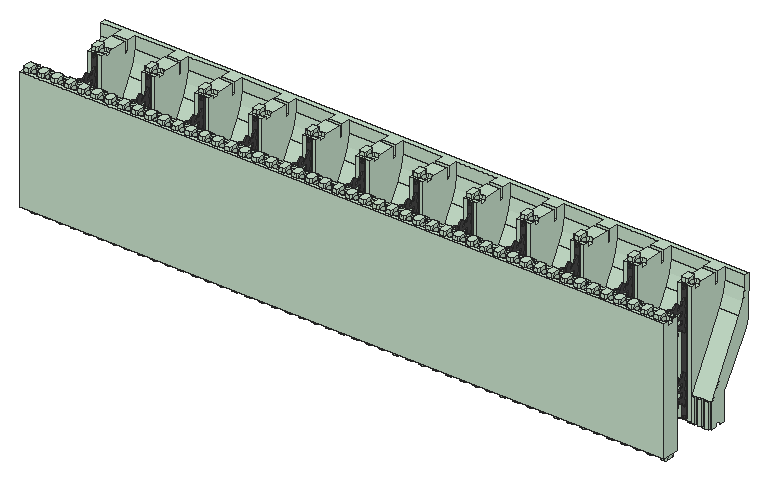
Revit family (continued)
Definition of nested family "NUDURA Diamond Pattern"
  Lines and regions (mm)
    model lines
      curve 130: line (93.906, -142.875, 148.808) -> (85.183, -142.875, 140.085)
      curve 131: arc (105.934, -142.875, 147.365) -> (101.444, -142.875, 149.225) -> (96.953, -142.875, 147.365) r 6.35
      curve 132: line (96.953, -142.875, 147.365) -> (87.428, -142.875, 137.84)
      curve 133: arc (87.428, -142.875, 137.84) -> (85.569, -142.875, 133.35) -> (87.428, -142.875, 128.86) r 6.35
      curve 134: line (87.428, -142.875, 128.86) -> (96.953, -142.875, 119.335)
      curve 135: arc (96.953, -142.875, 119.335) -> (101.444, -142.875, 117.475) -> (105.934, -142.875, 119.335) r 6.35
      curve 136: line (105.934, -142.875, 119.335) -> (115.459, -142.875, 128.86)
      curve 137: arc (115.459, -142.875, 128.86) -> (117.319, -142.875, 133.35) -> (115.459, -142.875, 137.84) r 6.35
      curve 138: line (115.459, -142.875, 137.84) -> (105.934, -142.875, 147.365)
      curve 139: arc (93.906, -142.875, 110.708) -> (95.394, -142.875, 114.3) -> (93.906, -142.875, 117.892) r 5.08
      curve 140: line (117.704, -142.875, 101.985) -> (108.981, -142.875, 110.708)
      curve 141: arc (117.704, -142.875, 88.515) -> (120.494, -142.875, 95.25) -> (117.704, -142.875, 101.985) r 9.525
      curve 142: line (108.981, -142.875, 79.792) -> (117.704, -142.875, 88.515)
      curve 143: line (85.183, -142.875, 88.515) -> (93.906, -142.875, 79.792)
      curve 144: arc (85.183, -142.875, 101.985) -> (82.394, -142.875, 95.25) -> (85.183, -142.875, 88.515) r 9.525
      curve 145: line (93.906, -142.875, 110.708) -> (85.183, -142.875, 101.985)
      curve 146: arc (105.934, -142.875, 109.265) -> (101.444, -142.875, 111.125) -> (96.953, -142.875, 109.265) r 6.35
      curve 147: line (96.953, -142.875, 109.265) -> (87.428, -142.875, 99.74)
      curve 148: arc (87.428, -142.875, 99.74) -> (85.569, -142.875, 95.25) -> (87.428, -142.875, 90.76) r 6.35
      curve 149: line (87.428, -142.875, 90.76) -> (96.953, -142.875, 81.235)
      curve 150: arc (96.953, -142.875, 81.235) -> (101.444, -142.875, 79.375) -> (105.934, -142.875, 81.235) r 6.35
      curve 151: line (105.934, -142.875, 81.235) -> (115.459, -142.875, 90.76)
      curve 152: arc (115.459, -142.875, 90.76) -> (117.319, -142.875, 95.25) -> (115.459, -142.875, 99.74) r 6.35
      curve 153: line (115.459, -142.875, 99.74) -> (105.934, -142.875, 109.265)
      curve 154: arc (93.906, -142.875, 72.608) -> (95.394, -142.875, 76.2) -> (93.906, -142.875, 79.792) r 5.08
      curve 155: line (117.704, -142.875, 63.885) -> (108.981, -142.875, 72.608)
      curve 156: arc (117.704, -142.875, 50.415) -> (120.494, -142.875, 57.15) -> (117.704, -142.875, 63.885) r 9.525
      curve 157: line (108.981, -142.875, 41.692) -> (117.704, -142.875, 50.415)
      curve 158: line (85.183, -142.875, 50.415) -> (93.906, -142.875, 41.692)
      curve 159: arc (85.183, -142.875, 63.885) -> (82.394, -142.875, 57.15) -> (85.183, -142.875, 50.415) r 9.525
      curve 160: line (93.906, -142.875, 72.608) -> (85.183, -142.875, 63.885)
      curve 161: arc (105.934, -142.875, 71.165) -> (101.444, -142.875, 73.025) -> (96.953, -142.875, 71.165) r 6.35
      curve 162: line (96.953, -142.875, 71.165) -> (87.428, -142.875, 61.64)
      curve 163: arc (87.428, -142.875, 61.64) -> (85.569, -142.875, 57.15) -> (87.428, -142.875, 52.66) r 6.35
      curve 164: line (87.428, -142.875, 52.66) -> (96.953, -142.875, 43.135)
      curve 165: arc (96.953, -142.875, 43.135) -> (101.444, -142.875, 41.275) -> (105.934, -142.875, 43.135) r 6.35
      curve 166: line (105.934, -142.875, 43.135) -> (115.459, -142.875, 52.66)
      curve 167: arc (115.459, -142.875, 52.66) -> (117.319, -142.875, 57.15) -> (115.459, -142.875, 61.64) r 6.35
      curve 168: line (115.459, -142.875, 61.64) -> (105.934, -142.875, 71.165)
      curve 169: arc (93.906, -142.875, 34.508) -> (95.394, -142.875, 38.1) -> (93.906, -142.875, 41.692) r 5.08
      curve 170: line (93.906, -142.875, 34.508) -> (85.183, -142.875, 25.785)
      curve 171: arc (85.183, -142.875, 25.785) -> (82.394, -142.875, 19.05) -> (85.183, -142.875, 12.315) r 9.525
      curve 172: line (85.183, -142.875, 12.315) -> (94.708, -142.875, 2.79)
      curve 173: arc (94.708, -142.875, 2.79) -> (101.444, -142.875, 0) -> (108.179, -142.875, 2.79) r 9.525
      curve 174: line (108.179, -142.875, 2.79) -> (117.704, -142.875, 12.315)
      curve 175: arc (117.704, -142.875, 12.315) -> (120.494, -142.875, 19.05) -> (117.704, -142.875, 25.785) r 9.525
      curve 176: line (117.704, -142.875, 25.785) -> (108.981, -142.875, 34.508)
      curve 177: arc (108.981, -142.875, 41.692) -> (107.493, -142.875, 38.1) -> (108.981, -142.875, 34.508) r 5.08
      curve 178: arc (105.934, -142.875, 33.065) -> (101.444, -142.875, 34.925) -> (96.953, -142.875, 33.065) r 6.35
      curve 179: line (115.459, -142.875, 23.54) -> (105.934, -142.875, 33.065)
      curve 180: arc (115.459, -142.875, 14.56) -> (117.319, -142.875, 19.05) -> (115.459, -142.875, 23.54) r 6.35
      curve 181: line (105.934, -142.875, 5.035) -> (115.459, -142.875, 14.56)
      curve 182: arc (96.953, -142.875, 5.035) -> (101.444, -142.875, 3.175) -> (105.934, -142.875, 5.035) r 6.35
      curve 183: line (87.428, -142.875, 14.56) -> (96.953, -142.875, 5.035)
      curve 184: arc (87.428, -142.875, 23.54) -> (85.569, -142.875, 19.05) -> (87.428, -142.875, 14.56) r 6.35
      curve 185: line (96.953, -142.875, 33.065) -> (87.428, -142.875, 23.54)
      curve 186: arc (108.981, -142.875, 79.792) -> (107.493, -142.875, 76.2) -> (108.981, -142.875, 72.608) r 5.08
      curve 187: arc (108.981, -142.875, 117.892) -> (107.493, -142.875, 114.3) -> (108.981, -142.875, 110.708) r 5.08
      curve 188: arc (108.981, -142.875, 155.992) -> (107.493, -142.875, 152.4) -> (108.981, -142.875, 148.808) r 5.08
      curve 189: arc (108.981, -142.875, 194.092) -> (107.493, -142.875, 190.5) -> (108.981, -142.875, 186.908) r 5.08
      curve 190: arc (108.981, -142.875, 232.192) -> (107.493, -142.875, 228.6) -> (108.981, -142.875, 225.008) r 5.08
      curve 191: arc (108.981, -142.875, 270.292) -> (107.493, -142.875, 266.7) -> (108.981, -142.875, 263.108) r 5.08
      curve 192: arc (108.981, -142.875, 308.392) -> (107.493, -142.875, 304.8) -> (108.981, -142.875, 301.208) r 5.08
      curve 193: arc (108.981, -142.875, 346.492) -> (107.493, -142.875, 342.9) -> (108.981, -142.875, 339.308) r 5.08
      curve 194: arc (108.981, -142.875, 384.592) -> (107.493, -142.875, 381) -> (108.981, -142.875, 377.408) r 5.08
      curve 195: arc (108.981, -142.875, 422.692) -> (107.493, -142.875, 419.1) -> (108.981, -142.875, 415.508) r 5.08
Definition of nested family "NUDURA Logo Diamond"
  Reference planes
    plane 1 "Center (Front/Back)": y = 0
    plane 2: z = 0
    plane 3 "Center (Left/Right)": x = 0
  Lines and regions (mm)
    model lines
      curve 1: line (320.001, 0, 444.526) -> (311.021, 0, 453.507)
      curve 2: line (313.973, 0, 425.925) -> (320.001, 0, 431.954)
      curve 3: line (320.001, 0, 406.426) -> (313.973, 0, 412.455)
      curve 4: line (313.973, 0, 387.825) -> (320.001, 0, 393.854)
      curve 5: line (320.001, 0, 368.326) -> (313.973, 0, 374.355)
      curve 6: line (313.973, 0, 349.725) -> (320.001, 0, 355.754)
      curve 7: line (309.225, 0, 337.411) -> (322.887, 0, 323.749)
      curve 8: line (322.887, 0, 323.749) -> (324.683, 0, 325.545)
      curve 9: line (286.583, 0, 323.749) -> (300.245, 0, 337.411)
      curve 10: line (295.497, 0, 336.255) -> (284.787, 0, 325.545)
      curve 11: line (289.468, 0, 355.754) -> (295.497, 0, 349.725)
      curve 12: line (295.497, 0, 374.355) -> (289.468, 0, 368.326)
      curve 13: line (289.468, 0, 393.854) -> (295.497, 0, 387.825)
      curve 14: line (295.497, 0, 412.455) -> (289.468, 0, 406.426)
      curve 15: line (289.468, 0, 431.954) -> (295.497, 0, 425.925)
      curve 16: line (298.449, 0, 453.507) -> (289.468, 0, 444.526)
      curve 17: line (300.245, 0, 451.711) -> (291.265, 0, 442.73)
      curve 18: line (318.205, 0, 442.73) -> (309.225, 0, 451.711)
      curve 19: line (309.225, 0, 424.77) -> (318.205, 0, 433.75)
      curve 20: line (291.265, 0, 433.75) -> (300.245, 0, 424.77)
      curve 21: arc (289.468, 0, 444.526) -> (286.865, 0, 438.24) -> (289.468, 0, 431.954) r 8.89
      curve 22: arc (298.449, 0, 453.507) -> (304.735, 0, 456.111) -> (311.021, 0, 453.507) r 8.89
      curve 23: arc (291.265, 0, 442.73) -> (289.405, 0, 438.24) -> (291.265, 0, 433.75) r 6.35
      curve 24: arc (318.205, 0, 442.73) -> (320.065, 0, 438.24) -> (318.205, 0, 433.75) r 6.35
      curve 25: arc (309.225, 0, 424.77) -> (304.735, 0, 422.91) -> (300.245, 0, 424.77) r 6.35
      curve 26: arc (300.245, 0, 451.711) -> (304.735, 0, 453.571) -> (309.225, 0, 451.711) r 6.35
      curve 27: arc (320.001, 0, 444.526) -> (322.605, 0, 438.24) -> (320.001, 0, 431.954) r 8.89
      curve 28: arc (295.497, 0, 425.925) -> (298.287, 0, 419.19) -> (295.497, 0, 412.455) r 9.525
      curve 29: arc (313.973, 0, 425.925) -> (311.183, 0, 419.19) -> (313.973, 0, 412.455) r 9.525
      curve 30: line (313.973, 0, 387.825) -> (320.001, 0, 393.854)
      curve 31: line (289.468, 0, 393.854) -> (295.497, 0, 387.825)
      curve 32: line (300.245, 0, 413.611) -> (291.265, 0, 404.63)
      curve 33: line (318.205, 0, 404.63) -> (309.225, 0, 413.611)
      curve 34: line (309.225, 0, 386.67) -> (318.205, 0, 395.65)
      curve 35: line (291.265, 0, 395.65) -> (300.245, 0, 386.67)
      curve 36: arc (289.468, 0, 406.426) -> (286.865, 0, 400.14) -> (289.468, 0, 393.854) r 8.89
      curve 37: arc (291.265, 0, 404.63) -> (289.405, 0, 400.14) -> (291.265, 0, 395.65) r 6.35
      curve 38: arc (318.205, 0, 404.63) -> (320.065, 0, 400.14) -> (318.205, 0, 395.65) r 6.35
      curve 39: arc (309.225, 0, 386.67) -> (304.735, 0, 384.81) -> (300.245, 0, 386.67) r 6.35
      curve 40: arc (300.245, 0, 413.611) -> (304.735, 0, 415.471) -> (309.225, 0, 413.611) r 6.35
      curve 41: arc (320.001, 0, 406.426) -> (322.605, 0, 400.14) -> (320.001, 0, 393.854) r 8.89
      curve 42: line (295.497, 0, 412.455) -> (289.468, 0, 406.426)
      curve 43: line (320.001, 0, 406.426) -> (313.973, 0, 412.455)
      curve 44: arc (295.497, 0, 387.825) -> (298.287, 0, 381.09) -> (295.497, 0, 374.355) r 9.525
      curve 45: arc (313.973, 0, 387.825) -> (311.183, 0, 381.09) -> (313.973, 0, 374.355) r 9.525
      curve 46: line (313.973, 0, 349.725) -> (320.001, 0, 355.754)
      curve 47: line (289.468, 0, 355.754) -> (295.497, 0, 349.725)
      curve 48: line (300.245, 0, 375.511) -> (291.265, 0, 366.53)
      curve 49: line (318.205, 0, 366.53) -> (309.225, 0, 375.511)
      curve 50: line (309.225, 0, 348.57) -> (318.205, 0, 357.55)
      curve 51: line (291.265, 0, 357.55) -> (300.245, 0, 348.57)
      curve 52: arc (289.468, 0, 368.326) -> (286.865, 0, 362.04) -> (289.468, 0, 355.754) r 8.89
      curve 53: arc (291.265, 0, 366.53) -> (289.405, 0, 362.04) -> (291.265, 0, 357.55) r 6.35
      curve 54: arc (318.205, 0, 366.53) -> (320.065, 0, 362.04) -> (318.205, 0, 357.55) r 6.35
      curve 55: arc (309.225, 0, 348.57) -> (304.735, 0, 346.71) -> (300.245, 0, 348.57) r 6.35
      curve 56: arc (300.245, 0, 375.511) -> (304.735, 0, 377.371) -> (309.225, 0, 375.511) r 6.35
      curve 57: arc (320.001, 0, 368.326) -> (322.605, 0, 362.04) -> (320.001, 0, 355.754) r 8.89
      curve 58: line (295.497, 0, 374.355) -> (289.468, 0, 368.326)
      curve 59: arc (295.497, 0, 349.725) -> (298.287, 0, 342.99) -> (295.497, 0, 336.255) r 9.525
      curve 60: arc (313.973, 0, 349.725) -> (311.183, 0, 342.99) -> (313.973, 0, 336.255) r 9.525
      curve 61: line (324.683, 0, 325.545) -> (313.973, 0, 336.255)
      curve 62: line (284.787, 0, 325.545) -> (286.583, 0, 323.749)
      curve 63: arc (300.245, 0, 337.411) -> (304.735, 0, 339.271) -> (309.225, 0, 337.411) r 6.35
      curve 64: line (320.001, 0, 12.854) -> (311.021, 0, 3.874)
      curve 65: line (313.973, 0, 31.455) -> (320.001, 0, 25.426)
      curve 66: line (320.001, 0, 50.954) -> (313.973, 0, 44.925)
      curve 67: line (313.973, 0, 69.555) -> (320.001, 0, 63.526)
      curve 68: line (320.001, 0, 89.054) -> (313.973, 0, 83.025)
      curve 69: line (313.973, 0, 107.655) -> (320.001, 0, 101.626)
      curve 70: line (309.225, 0, 119.97) -> (322.887, 0, 133.632)
      curve 71: line (322.887, 0, 133.632) -> (324.683, 0, 131.836)
      curve 72: line (286.583, 0, 133.632) -> (300.245, 0, 119.97)
      curve 73: line (295.497, 0, 121.125) -> (284.787, 0, 131.836)
      curve 74: line (289.468, 0, 101.626) -> (295.497, 0, 107.655)
      curve 75: line (295.497, 0, 83.025) -> (289.468, 0, 89.054)
      curve 76: line (289.468, 0, 63.526) -> (295.497, 0, 69.555)
      curve 77: line (295.497, 0, 44.925) -> (289.468, 0, 50.954)
      curve 78: line (289.468, 0, 25.426) -> (295.497, 0, 31.455)
      curve 79: line (298.449, 0, 3.874) -> (289.468, 0, 12.854)
      curve 80: line (300.245, 0, 5.67) -> (291.265, 0, 14.65)
      curve 81: line (318.205, 0, 14.65) -> (309.225, 0, 5.67)
      curve 82: line (309.225, 0, 32.611) -> (318.205, 0, 23.63)
      curve 83: line (291.265, 0, 23.63) -> (300.245, 0, 32.611)
      curve 84: arc (289.468, 0, 12.854) -> (286.865, 0, 19.14) -> (289.468, 0, 25.426) r 8.89
      curve 85: arc (298.449, 0, 3.874) -> (304.735, 0, 1.27) -> (311.021, 0, 3.874) r 8.89
      curve 86: arc (291.265, 0, 14.65) -> (289.405, 0, 19.14) -> (291.265, 0, 23.63) r 6.35
      curve 87: arc (318.205, 0, 14.65) -> (320.065, 0, 19.14) -> (318.205, 0, 23.63) r 6.35
      curve 88: arc (309.225, 0, 32.611) -> (304.735, 0, 34.471) -> (300.245, 0, 32.611) r 6.35
      curve 89: arc (300.245, 0, 5.67) -> (304.735, 0, 3.81) -> (309.225, 0, 5.67) r 6.35
      curve 90: arc (320.001, 0, 12.854) -> (322.605, 0, 19.14) -> (320.001, 0, 25.426) r 8.89
      curve 91: arc (295.497, 0, 31.455) -> (298.287, 0, 38.19) -> (295.497, 0, 44.925) r 9.525
      curve 92: arc (313.973, 0, 31.455) -> (311.183, 0, 38.19) -> (313.973, 0, 44.925) r 9.525
      curve 93: line (313.973, 0, 69.555) -> (320.001, 0, 63.526)
      curve 94: line (289.468, 0, 63.526) -> (295.497, 0, 69.555)
      curve 95: line (300.245, 0, 43.77) -> (291.265, 0, 52.75)
      curve 96: line (318.205, 0, 52.75) -> (309.225, 0, 43.77)
      curve 97: line (309.225, 0, 70.711) -> (318.205, 0, 61.73)
      curve 98: line (291.265, 0, 61.73) -> (300.245, 0, 70.711)
      curve 99: arc (289.468, 0, 50.954) -> (286.865, 0, 57.24) -> (289.468, 0, 63.526) r 8.89
      curve 100: arc (291.265, 0, 52.75) -> (289.405, 0, 57.24) -> (291.265, 0, 61.73) r 6.35
      curve 101: arc (318.205, 0, 52.75) -> (320.065, 0, 57.24) -> (318.205, 0, 61.73) r 6.35
      curve 102: arc (309.225, 0, 70.711) -> (304.735, 0, 72.571) -> (300.245, 0, 70.711) r 6.35
      curve 103: arc (300.245, 0, 43.77) -> (304.735, 0, 41.91) -> (309.225, 0, 43.77) r 6.35
      curve 104: arc (320.001, 0, 50.954) -> (322.605, 0, 57.24) -> (320.001, 0, 63.526) r 8.89
      curve 105: line (295.497, 0, 44.925) -> (289.468, 0, 50.954)
      curve 106: line (320.001, 0, 50.954) -> (313.973, 0, 44.925)
      curve 107: arc (295.497, 0, 69.555) -> (298.287, 0, 76.29) -> (295.497, 0, 83.025) r 9.525
      curve 108: arc (313.973, 0, 69.555) -> (311.183, 0, 76.29) -> (313.973, 0, 83.025) r 9.525
      curve 109: line (313.973, 0, 107.655) -> (320.001, 0, 101.626)
      curve 110: line (289.468, 0, 101.626) -> (295.497, 0, 107.655)
      curve 111: line (300.245, 0, 81.87) -> (291.265, 0, 90.85)
      curve 112: line (318.205, 0, 90.85) -> (309.225, 0, 81.87)
      curve 113: line (309.225, 0, 108.811) -> (318.205, 0, 99.83)
      curve 114: line (291.265, 0, 99.83) -> (300.245, 0, 108.811)
      curve 115: arc (289.468, 0, 89.054) -> (286.865, 0, 95.34) -> (289.468, 0, 101.626) r 8.89
      curve 116: arc (291.265, 0, 90.85) -> (289.405, 0, 95.34) -> (291.265, 0, 99.83) r 6.35
      curve 117: arc (318.205, 0, 90.85) -> (320.065, 0, 95.34) -> (318.205, 0, 99.83) r 6.35
      curve 118: arc (309.225, 0, 108.811) -> (304.735, 0, 110.671) -> (300.245, 0, 108.811) r 6.35
      curve 119: arc (300.245, 0, 81.87) -> (304.735, 0, 80.01) -> (309.225, 0, 81.87) r 6.35
      curve 120: arc (320.001, 0, 89.054) -> (322.605, 0, 95.34) -> (320.001, 0, 101.626) r 8.89
      curve 121: line (295.497, 0, 83.025) -> (289.468, 0, 89.054)
      curve 122: arc (295.497, 0, 107.655) -> (298.287, 0, 114.39) -> (295.497, 0, 121.125) r 9.525
      curve 123: arc (313.973, 0, 107.655) -> (311.183, 0, 114.39) -> (313.973, 0, 121.125) r 9.525
      curve 124: line (324.683, 0, 131.836) -> (313.973, 0, 121.125)
      curve 125: line (284.787, 0, 131.836) -> (286.583, 0, 133.632)
      curve 126: arc (300.245, 0, 119.97) -> (304.735, 0, 118.11) -> (309.225, 0, 119.97) r 6.35
      curve 127: line (314.26, 0, 317.59) -> (295.21, 0, 317.59)
      curve 128: line (323.785, 0, 149.315) -> (323.785, 0, 308.065)
      curve 129: line (285.685, 0, 308.065) -> (285.685, 0, 149.315)
      curve 130: line (295.21, 0, 139.79) -> (314.26, 0, 139.79)
      curve 131: line (316.797, 0, 304.89) -> (305.798, 0, 311.24)
      curve 132: line (316.797, 0, 292.19) -> (316.797, 0, 304.89)
      curve 133: line (311.298, 0, 289.015) -> (316.797, 0, 292.19)
      curve 134: line (305.373, 0, 292.436) -> (311.298, 0, 289.015)
      curve 135: line (310.447, 0, 295.365) -> (305.373, 0, 292.436)
      curve 136: line (299.874, 0, 307.82) -> (310.447, 0, 301.715)
      curve 137: line (310.447, 0, 301.715) -> (310.447, 0, 295.365)
      curve 138: line (305.798, 0, 311.24) -> (299.874, 0, 307.82)
      curve 139: line (299.023, 0, 295.611) -> (304.097, 0, 298.54)
      curve 140: line (304.097, 0, 298.54) -> (298.172, 0, 301.961)
      curve 141: line (298.172, 0, 301.961) -> (292.673, 0, 298.786)
      curve 142: line (292.673, 0, 298.786) -> (292.673, 0, 286.086)
      curve 143: line (299.023, 0, 289.261) -> (299.023, 0, 295.611)
      curve 144: line (309.596, 0, 283.156) -> (299.023, 0, 289.261)
      curve 145: line (303.671, 0, 279.736) -> (309.596, 0, 283.156)
      curve 146: line (292.673, 0, 286.086) -> (303.671, 0, 279.736)
      curve 147: line (312.702, 0, 269.344) -> (296.768, 0, 272.912)
      curve 148: line (296.768, 0, 272.912) -> (296.768, 0, 267.036)
      curve 149: line (296.768, 0, 267.036) -> (308.089, 0, 264.517)
      curve 150: line (308.089, 0, 264.517) -> (296.768, 0, 260.949)
      curve 151: line (296.768, 0, 260.949) -> (296.768, 0, 251.084)
      curve 152: line (296.768, 0, 251.084) -> (309.138, 0, 248.314)
      curve 153: line (309.138, 0, 248.314) -> (309.138, 0, 247.516)
      curve 154: line (309.138, 0, 247.516) -> (301.281, 0, 248.991)
      curve 155: line (296.768, 0, 245.246) -> (296.768, 0, 237.71)
      curve 156: line (306.598, 0, 222.094) -> (306.598, 0, 228.599)
      curve 157: line (306.598, 0, 228.599) -> (296.768, 0, 230.786)
      curve 158: line (296.768, 0, 230.786) -> (296.768, 0, 215.343)
      curve 159: line (302.723, 0, 230.274) -> (312.702, 0, 228.039)
      curve 160: line (300.341, 0, 217.291) -> (300.341, 0, 223.486)
      curve 161: line (300.341, 0, 223.486) -> (306.598, 0, 222.094)
      curve 162: line (296.768, 0, 205.027) -> (296.768, 0, 197.49)
      curve 163: line (302.723, 0, 190.055) -> (310.162, 0, 188.389)
      curve 164: line (310.162, 0, 188.389) -> (310.162, 0, 176.633)
      curve 165: line (308.892, 0, 175.363) -> (307.868, 0, 175.363)
      curve 166: line (306.598, 0, 176.633) -> (306.598, 0, 180.004)
      curve 167: line (306.598, 0, 180.004) -> (307.868, 0, 179.719)
      curve 168: line (307.868, 0, 179.719) -> (307.868, 0, 186.3)
      curve 169: line (307.868, 0, 186.3) -> (296.768, 0, 188.785)
      curve 170: line (296.768, 0, 188.785) -> (296.768, 0, 182.205)
      curve 171: line (296.768, 0, 182.205) -> (304.058, 0, 180.572)
      curve 172: line (304.058, 0, 180.572) -> (304.058, 0, 177.654)
      curve 173: line (302.788, 0, 176.384) -> (296.768, 0, 176.384)
      curve 174: line (296.768, 0, 176.384) -> (296.768, 0, 164.003)
      curve 175: line (296.768, 0, 164.003) -> (299.284, 0, 162.219)
      curve 176: line (299.284, 0, 162.219) -> (299.284, 0, 153.715)
      curve 177: line (307.942, 0, 156.079) -> (301.824, 0, 160.418)
      curve 178: line (301.824, 0, 160.418) -> (301.824, 0, 154.409)
      curve 179: line (301.824, 0, 154.409) -> (307.942, 0, 156.079)
      curve 180: line (299.284, 0, 153.715) -> (296.768, 0, 153.028)
      curve 181: line (296.768, 0, 153.028) -> (296.768, 0, 146.14)
      curve 182: line (296.768, 0, 146.14) -> (312.702, 0, 150.491)
      curve 183: line (312.702, 0, 150.491) -> (312.702, 0, 159.713)
      curve 184: line (312.702, 0, 159.713) -> (298.767, 0, 169.594)
      curve 185: line (298.767, 0, 169.594) -> (302.342, 0, 169.594)
      curve 186: line (312.702, 0, 172.383) -> (312.702, 0, 193.945)
      curve 187: line (312.702, 0, 193.945) -> (302.326, 0, 196.268)
      curve 188: line (300.341, 0, 198.747) -> (300.341, 0, 201.381)
      curve 189: line (301.888, 0, 202.62) -> (312.702, 0, 200.199)
      curve 190: line (312.702, 0, 200.199) -> (312.702, 0, 206.628)
      curve 191: line (312.702, 0, 206.628) -> (306.843, 0, 207.728)
      curve 192: line (312.702, 0, 212.942) -> (312.702, 0, 227.241)
      curve 193: line (312.702, 0, 227.241) -> (309.138, 0, 228.034)
      curve 194: line (309.138, 0, 228.034) -> (309.138, 0, 217.291)
      curve 195: line (312.702, 0, 228.039) -> (312.702, 0, 234.164)
      curve 196: line (312.702, 0, 234.164) -> (302.326, 0, 236.488)
      curve 197: line (300.341, 0, 238.966) -> (300.341, 0, 241.6)
      curve 198: line (301.736, 0, 242.874) -> (312.702, 0, 240.418)
      curve 199: line (312.702, 0, 240.418) -> (312.702, 0, 253.611)
      curve 200: line (312.702, 0, 253.611) -> (302.429, 0, 255.912)
      curve 201: line (302.429, 0, 255.912) -> (312.702, 0, 259.27)
      curve 202: line (312.702, 0, 259.27) -> (312.702, 0, 269.344)
      curve 203: arc (296.768, 0, 245.246) -> (298.145, 0, 248.178) -> (301.281, 0, 248.991) r 3.81
      curve 204: arc (296.768, 0, 237.71) -> (298.44, 0, 232.946) -> (302.723, 0, 230.274) r 7.62
      curve 205: arc (300.842, 0, 208.826) -> (297.87, 0, 211.5) -> (296.768, 0, 215.343) r 7.251
      curve 206: arc (296.768, 0, 205.027) -> (297.979, 0, 207.812) -> (300.842, 0, 208.826) r 3.808
      curve 207: arc (296.768, 0, 197.49) -> (298.44, 0, 192.727) -> (302.723, 0, 190.055) r 7.62
      curve 208: arc (300.341, 0, 198.747) -> (300.898, 0, 197.159) -> (302.326, 0, 196.268) r 2.54
      curve 209: arc (300.341, 0, 201.381) -> (300.817, 0, 202.372) -> (301.888, 0, 202.62) r 1.27
      curve 210: arc (307.868, 0, 175.363) -> (306.969, 0, 175.735) -> (306.598, 0, 176.633) r 1.27
      curve 211: arc (308.892, 0, 175.363) -> (309.79, 0, 175.735) -> (310.162, 0, 176.633) r 1.27
      curve 212: arc (304.058, 0, 177.654) -> (303.686, 0, 176.756) -> (302.788, 0, 176.384) r 1.27
      curve 213: arc (302.342, 0, 169.594) -> (303.976, 0, 170.198) -> (304.826, 0, 171.718) r 2.516
      curve 214: arc (304.826, 0, 171.718) -> (309.07, 0, 168.432) -> (312.702, 0, 172.383) r 3.966
      curve 215: arc (306.843, 0, 207.728) -> (310.942, 0, 209.02) -> (312.702, 0, 212.942) r 5.249
      curve 216: arc (300.341, 0, 217.291) -> (304.739, 0, 212.893) -> (309.138, 0, 217.291) r 4.398
      curve 217: arc (300.341, 0, 238.966) -> (300.898, 0, 237.378) -> (302.326, 0, 236.488) r 2.54
      curve 218: arc (300.341, 0, 241.6) -> (300.886, 0, 242.648) -> (302.057, 0, 242.802) r 1.279
      curve 219: arc (285.685, 0, 308.065) -> (288.475, 0, 314.8) -> (295.21, 0, 317.59) r 9.525
      curve 220: arc (314.26, 0, 317.59) -> (320.995, 0, 314.8) -> (323.785, 0, 308.065) r 9.525
      curve 221: arc (285.685, 0, 149.315) -> (288.475, 0, 142.58) -> (295.21, 0, 139.79) r 9.525
      curve 222: arc (314.26, 0, 139.79) -> (320.995, 0, 142.58) -> (323.785, 0, 149.315) r 9.525
      curve 223: line (253.935, 0, 457.2) -> (253.935, 0, 0)
      curve 224: line (355.535, 0, 457.2) -> (355.535, 0, 0)
      curve 225: line (406.335, 0, 457.2) -> (406.335, 0, 0)
Definition of nested family "NUDURA Brick Ledge Diamond Pattern"
  Reference planes
    plane 1 "Center (Front/Back)": y = 0
    plane 2: z = 0
    plane 3 "Center (Left/Right)": x = 0
    plane 4: z = 101.6
  Lines and regions (mm)
    model lines
      curve 1: line (203.2, -142.875, 101.6) -> (203.2, -142.875, 0)
      curve 2: line (152.4, -142.875, 101.6) -> (152.4, -142.875, 0)
      curve 3: line (50.8, -142.875, 101.6) -> (50.8, -142.875, 0)
      curve 4: arc (117.704, -142.875, 88.515) -> (120.494, -142.875, 95.25) -> (117.704, -142.875, 101.985) r 9.525
      curve 5: line (108.981, -142.875, 79.792) -> (117.704, -142.875, 88.515)
      curve 6: line (85.183, -142.875, 88.515) -> (93.906, -142.875, 79.792)
      curve 7: arc (85.183, -142.875, 101.985) -> (82.394, -142.875, 95.25) -> (85.183, -142.875, 88.515) r 9.525
      curve 8: arc (105.934, -142.875, 109.265) -> (101.444, -142.875, 111.125) -> (96.953, -142.875, 109.265) r 6.35
      curve 9: line (96.953, -142.875, 109.265) -> (87.428, -142.875, 99.74)
      curve 10: arc (87.428, -142.875, 99.74) -> (85.569, -142.875, 95.25) -> (87.428, -142.875, 90.76) r 6.35
      curve 11: line (87.428, -142.875, 90.76) -> (96.953, -142.875, 81.235)
      curve 12: arc (96.953, -142.875, 81.235) -> (101.444, -142.875, 79.375) -> (105.934, -142.875, 81.235) r 6.35
      curve 13: line (105.934, -142.875, 81.235) -> (115.459, -142.875, 90.76)
      curve 14: arc (115.459, -142.875, 90.76) -> (117.319, -142.875, 95.25) -> (115.459, -142.875, 99.74) r 6.35
      curve 15: line (115.459, -142.875, 99.74) -> (105.934, -142.875, 109.265)
      curve 16: arc (93.906, -142.875, 72.608) -> (95.394, -142.875, 76.2) -> (93.906, -142.875, 79.792) r 5.08
      curve 17: line (117.704, -142.875, 63.885) -> (108.981, -142.875, 72.608)
      curve 18: arc (117.704, -142.875, 50.415) -> (120.494, -142.875, 57.15) -> (117.704, -142.875, 63.885) r 9.525
      curve 19: line (108.981, -142.875, 41.692) -> (117.704, -142.875, 50.415)
      curve 20: line (85.183, -142.875, 50.415) -> (93.906, -142.875, 41.692)
      curve 21: arc (85.183, -142.875, 63.885) -> (82.394, -142.875, 57.15) -> (85.183, -142.875, 50.415) r 9.525
      curve 22: line (93.906, -142.875, 72.608) -> (85.183, -142.875, 63.885)
      curve 23: arc (105.934, -142.875, 71.165) -> (101.444, -142.875, 73.025) -> (96.953, -142.875, 71.165) r 6.35
      curve 24: line (96.953, -142.875, 71.165) -> (87.428, -142.875, 61.64)
      curve 25: arc (87.428, -142.875, 61.64) -> (85.569, -142.875, 57.15) -> (87.428, -142.875, 52.66) r 6.35
      curve 26: line (87.428, -142.875, 52.66) -> (96.953, -142.875, 43.135)
      curve 27: arc (96.953, -142.875, 43.135) -> (101.444, -142.875, 41.275) -> (105.934, -142.875, 43.135) r 6.35
      curve 28: line (105.934, -142.875, 43.135) -> (115.459, -142.875, 52.66)
      curve 29: arc (115.459, -142.875, 52.66) -> (117.319, -142.875, 57.15) -> (115.459, -142.875, 61.64) r 6.35
      curve 30: line (115.459, -142.875, 61.64) -> (105.934, -142.875, 71.165)
      curve 31: arc (93.906, -142.875, 34.508) -> (95.394, -142.875, 38.1) -> (93.906, -142.875, 41.692) r 5.08
      curve 32: line (93.906, -142.875, 34.508) -> (85.183, -142.875, 25.785)
      curve 33: arc (85.183, -142.875, 25.785) -> (82.394, -142.875, 19.05) -> (85.183, -142.875, 12.315) r 9.525
      curve 34: line (85.183, -142.875, 12.315) -> (94.708, -142.875, 2.79)
      curve 35: arc (94.708, -142.875, 2.79) -> (101.444, -142.875, 0) -> (108.179, -142.875, 2.79) r 9.525
      curve 36: line (108.179, -142.875, 2.79) -> (117.704, -142.875, 12.315)
      curve 37: arc (117.704, -142.875, 12.315) -> (120.494, -142.875, 19.05) -> (117.704, -142.875, 25.785) r 9.525
      curve 38: line (117.704, -142.875, 25.785) -> (108.981, -142.875, 34.508)
      curve 39: arc (108.981, -142.875, 41.692) -> (107.493, -142.875, 38.1) -> (108.981, -142.875, 34.508) r 5.08
      curve 40: arc (105.934, -142.875, 33.065) -> (101.444, -142.875, 34.925) -> (96.953, -142.875, 33.065) r 6.35
      curve 41: line (115.459, -142.875, 23.54) -> (105.934, -142.875, 33.065)
      curve 42: arc (115.459, -142.875, 14.56) -> (117.319, -142.875, 19.05) -> (115.459, -142.875, 23.54) r 6.35
      curve 43: line (105.934, -142.875, 5.035) -> (115.459, -142.875, 14.56)
      curve 44: arc (96.953, -142.875, 5.035) -> (101.444, -142.875, 3.175) -> (105.934, -142.875, 5.035) r 6.35
      curve 45: line (87.428, -142.875, 14.56) -> (96.953, -142.875, 5.035)
      curve 46: arc (87.428, -142.875, 23.54) -> (85.569, -142.875, 19.05) -> (87.428, -142.875, 14.56) r 6.35
      curve 47: line (96.953, -142.875, 33.065) -> (87.428, -142.875, 23.54)
      curve 48: arc (108.981, -142.875, 79.792) -> (107.493, -142.875, 76.2) -> (108.981, -142.875, 72.608) r 5.08
      curve 49: line (94.708, -142.875, 111.51) -> (85.183, -142.875, 101.985)
      curve 50: arc (108.179, -142.875, 111.51) -> (101.444, -142.875, 114.3) -> (94.708, -142.875, 111.51) r 9.525
      curve 51: line (117.704, -142.875, 101.985) -> (108.179, -142.875, 111.51)
